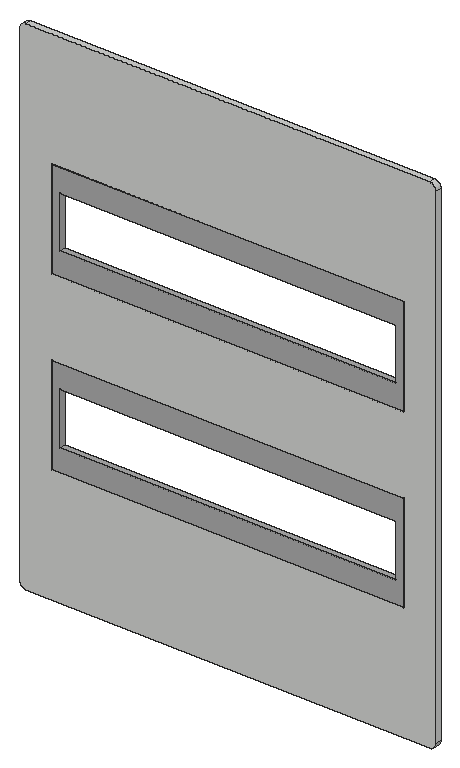
Revit family "Building-ContenitoriParete-GEWISS-44CEP-PANNELLI_DIN_2X", category Apparecchi elettrici, Revit 2016
Family settings
  Mantenere orientamento annotazione = No
  Tipo di parte = Normale
  Quota connettore circolare = Usa diametro
  Numero OmniClass = 23.80.30.11.17
  Titolo OmniClass = Distribution Boards and Control Panels
  Basato su piano di lavoro = Sì
  Sempre verticale = No
  Taglio con vuoti quando caricato = No
  Condiviso = No
  Punto di calcolo locali = No
Parameters (values of type "GW44855 - PANNELLO FRONTALE FIN.32M.CEP 396X474")
  Watt = "NP"  # constant formula
  Voltaggio = "NP"  # constant formula
  Versione file RFA = "18.0"
  URL = "https://www.gewiss.com/it/it"
  Tipo Materiale = "Halogen free secondo norma EN 50267-2-2"
  Scheda Tecnica = "https://www.gewiss.com/it/it/search?q=GW44855"
  SEO = "Pannello"
  Produttore = "GEWISS S.p.A."
  Per quadri: = "44 CEP"
  Per quadri BxH (mm) = "396x474"
  N. mod. EN 50022: = "32 (16X2)"
  N. mod. EN 50022 = "32 (16X2)"
  Modello = "GW44855"
  Larghezza foro = 288 mm
  Immagine tipo = GW44852.jpg
  IFC.TypeObject = ""
  IFC.ExportType = ""
  IFC.ExportAs = ""
  IDT = "3dba18c2-e06c-4975-a88f-cf74e63f23a9"
  IDF = "f9d2873b-1034-4667-8fe2-dcc22ff27136"
  GEWISS SCHEDA TECNICA = "http://pro.gewiss.com/irj/portal/?NavigationTarget=pcd:portal_content/com.gewiss.ZPPFDMain/com.gewiss.ZPPFDITMain/com.gewiss.ZPPFDITMainDefault/com.gewiss.ZPPFDITPages/com.gewiss.ZPPFDITPagesAP/com.gewiss.ZPPFDITPagesAPCatalogo/com.gewiss.ZPPPDITAPProductDetail&codProd=GW44855"
  Default Elevation = 1219.2 mm
  Pannello = GEWISS - GRIGIO RAL 7035
  Lunghezza = 356 mm
  Spessore = 5 mm
  H_da terra = 547.11 mm
  Distanza fori = 106 mm
  Descrizione = "PANNELLO FRONTALE FIN.32M.CEP 396X474"
  Creato da GEWISS S.p.A. = ""
  Cornice = GEWISS - GRIGIO
  Colore = "Grigio RAL 7035"
  Codice Electrocod = "1310"
  Codice EAN = "8011564111363"
  Catalogo Serie = "44 CEP"
  Catalogo = "BUILDING"
  Caratteristiche = "Halogen free"
  COBie.Tagnumber = ""
  COBie.CreatedOn = ""
  COBie.CreatebBy = ""
  COBie.ComponentRegisterItemID = ""
  COBie.Component.TagNumber = ""
  COBie.Component.Space = ""
  COBie.Component.SerialNumber = ""
  COBie.Component.InstallationDate = ""
  COBie.Component.Description = ""
  COBie.Component.BarCode = ""
  Altezza = 434 mm
  Adatto per = "Scatolati max160 A"
Types (3, lengths in mm): name | URL | Scheda Tecnica | Produttore | Per quadri BxH (mm) | N. mod. EN 50022: | N. mod. EN 50022 | Modello | Larghezza foro | IDT | GEWISS SCHEDA TECNICA | Lunghezza | Distanza fori | Descrizione | Codice EAN | Altezza | Adatto per
  (no name) | 0 | "" | 0 | "" | "" | "" | 0 | 288 | "" | "http://pro.gewiss.com/irj/portal/?NavigationTarget=pcd:portal_content/com.gewiss.ZPPFDMain/com.gewiss.ZPPFDITMain/com.gewiss.ZPPFDITMainDefault/com.gewiss.ZPPFDITPages/com.gewiss.ZPPFDITPagesAP/com.gewiss.ZPPFDITPagesAPCatalogo/com.gewiss.ZPPPDITAPProductDetail&codProd=GW44855" | 356 | 106 | 0 | "" | 434 | ""
  GW44854 - PANNELLO FRONTALE FIN.24M.CEP 316X396 | "https://www.gewiss.com/it/it" | "https://www.gewiss.com/it/it/search?q=GW44854" | "GEWISS S.p.A." | "316x396" | "24 (12X2)" | "24 (12X2)" | "GW44854" | 216 | "919207d4-cdf5-42a6-8d8c-0b0ed13642d4" | "http://pro.gewiss.com/irj/portal/?NavigationTarget=pcd:portal_content/com.gewiss.ZPPFDMain/com.gewiss.ZPPFDITMain/com.gewiss.ZPPFDITMainDefault/com.gewiss.ZPPFDITPages/com.gewiss.ZPPFDITPagesAP/com.gewiss.ZPPFDITPagesAPCatalogo/com.gewiss.ZPPPDITAPProductDetail&codProd=GW44854" | 276 | 99 | "PANNELLO FRONTALE FIN.24M.CEP 316X396" | "8011564111356" | 356 | "Scatolati max125 A"
  GW44855 - PANNELLO FRONTALE FIN.32M.CEP 396X474 | "https://www.gewiss.com/it/it" | "https://www.gewiss.com/it/it/search?q=GW44855" | "GEWISS S.p.A." | "396x474" | "32 (16X2)" | "32 (16X2)" | "GW44855" | 288 | "3dba18c2-e06c-4975-a88f-cf74e63f23a9" | "http://pro.gewiss.com/irj/portal/?NavigationTarget=pcd:portal_content/com.gewiss.ZPPFDMain/com.gewiss.ZPPFDITMain/com.gewiss.ZPPFDITMainDefault/com.gewiss.ZPPFDITPages/com.gewiss.ZPPFDITPagesAP/com.gewiss.ZPPFDITPagesAPCatalogo/com.gewiss.ZPPPDITAPProductDetail&codProd=GW44855" | 356 | 106 | "PANNELLO FRONTALE FIN.32M.CEP 396X474" | "8011564111363" | 434 | "Scatolati max160 A"
Values of the unnamed type that differ from the named types
  Versione file RFA = ""
  Tipo Materiale = ""
  SEO = ""
  Per quadri: = ""
  IDF = ""
  Colore = ""
  Codice Electrocod = ""
  Catalogo Serie = ""
  Catalogo = ""
  Caratteristiche = ""
Reference planes
  plane 1 "Centro (Fronte/Retro)": y = 0
  plane 2: z = 0
  plane 3 "Centro (Sinistra/Destra)": x = 0
  plane 4: x = -178
  plane 5: x = 178
  plane 6: y = 5
  plane 7: z = 547.11
  plane 8: z = 981.11
  plane 9: x = -144
  plane 10: x = 144
  plane 11: z = 764.11
  plane 12: x = -150.529
  plane 13: x = 150.529
  plane 14: z = 861.737
  plane 15: z = 817.11
  plane 16: z = 711.11
  plane 17: z = 666.11
  plane 18: z = 881.737
  plane 19: z = 797.11
  plane 20: z = 731.11
  plane 21: z = 646.483
Forms (mm)
  Extrusion 1, solid, material "GEWISS - GRIGIO RAL 7035" <- "Pannello"
    sketch origin (0, 0, 0) x (1, 0, 0) y (0, 0, 1)
      loop
        arc (-178, 552.497) -> (-176.422, 548.688) -> (-172.613, 547.11) r 5.387
        line (-172.613, 547.11) -> (172.613, 547.11)
        arc (172.613, 547.11) -> (176.422, 548.688) -> (178, 552.497) r 5.387
        line (178, 552.497) -> (178, 975.723)
        arc (178, 975.723) -> (176.422, 979.532) -> (172.613, 981.11) r 5.387
        line (172.613, 981.11) -> (-172.613, 981.11)
        arc (-172.613, 981.11) -> (-176.422, 979.532) -> (-178, 975.723) r 5.387
        line (-178, 975.723) -> (-178, 552.497)
      loop
        line (150.529, 881.737) -> (-150.529, 881.737) -> (-150.529, 797.11) -> (150.529, 797.11) -> (150.529, 881.737)
      loop
        line (150.529, 731.11) -> (-150.529, 731.11) -> (-150.529, 646.483) -> (150.529, 646.483) -> (150.529, 731.11)
    from -5 to 0
  Extrusion 2, solid, material "GEWISS - GRIGIO" <- "Cornice"
    sketch origin (0, 0, 0) x (1, 0, 0) y (0, 0, 1)
      loop
        line (-150.529, 881.737) -> (-150.529, 797.11) -> (150.529, 797.11) -> (150.529, 881.737) -> (-150.529, 881.737)
      loop
        line (-144, 861.737) -> (-144, 817.11) -> (144, 817.11) -> (144, 861.737) -> (-144, 861.737)
      loop
        line (-150.529, 731.11) -> (-150.529, 646.483) -> (150.529, 646.483) -> (150.529, 731.11) -> (-150.529, 731.11)
      loop
        line (-144, 711.11) -> (-144, 666.11) -> (144, 666.11) -> (144, 711.11) -> (-144, 711.11)
    from -5 to 0
Lines and regions (mm)
  Masking region 1
    outline origin (0, 0, 0) x (1, 0, 0) y (0, 1, 0)
      loop
        line (-178, 0) -> (178, 0) -> (178, 5) -> (-178, 5) -> (-178, 0)
  Masking region 2
    outline origin (0, 0, 0) x (0, 1, 0) y (0, 0, 1)
      loop
        line (0, 981.11) -> (0, 547.11) -> (5, 547.11) -> (5, 981.11) -> (0, 981.11)
Dimensions and locks
  "Spessore": plane 1 "Centro (Fronte/Retro)" to plane 6
  "H_da terra": plane 7 to plane 2
  "Altezza": plane 8 to plane 7
  equal spacing: plane 5, plane 3 "Centro (Sinistra/Destra)", plane 4
  "Lunghezza": plane 5 to plane 4
  "Larghezza foro": plane 10 to plane 9
  equal spacing: plane 10, plane 3 "Centro (Sinistra/Destra)", plane 9
  equal spacing: plane 13, plane 3 "Centro (Sinistra/Destra)", plane 12
  locked: plane 9 to plane 12 at 6.529
  locked: plane 16 to plane 17 at 45
  locked: plane 14 to plane 15 at 44.627
  "Distanza fori": plane 15 to plane 16
  locked: plane 18 to plane 14 at 20
  locked: plane 15 to plane 19 at 20
  locked: plane 20 to plane 16 at 20
  locked: plane 17 to plane 21 at 19.627
  equal spacing: plane 8, plane 11, plane 7
  equal spacing: plane 19, plane 11, plane 20
  aligned and locked: level to plane 2
  aligned and locked: plane 5 to Extrusion 1  (x4)
  aligned and locked: plane 3 "Centro (Sinistra/Destra)" to nested 1
  aligned and locked: plane 13 to nested 1
  aligned and locked: plane 12 to nested 1
  aligned and locked: Extrusion 2 sketch curve to nested 1  (x2)
  aligned and locked: plane 6 to Extrusion 2
  aligned and locked: plane 1 "Centro (Fronte/Retro)" to Extrusion 2
  aligned and locked: Extrusion 1 to plane 18
  aligned and locked: plane 21 to Extrusion 1
  aligned and locked: Extrusion 1 to plane 20
  aligned and locked: plane 12 to Extrusion 1  (x2)
  aligned and locked: Extrusion 1 to plane 13  (x2)
  aligned and locked: plane 18 to Extrusion 2
  aligned and locked: Extrusion 2 to plane 14
  aligned and locked: plane 15 to Extrusion 2
  aligned and locked: Extrusion 2 to plane 19
  aligned and locked: plane 20 to Extrusion 2
  aligned and locked: Extrusion 2 to plane 16
  aligned and locked: plane 17 to Extrusion 2
  aligned and locked: Extrusion 2 to plane 21
  aligned and locked: plane 9 to Extrusion 2
  aligned and locked: Extrusion 2 to plane 10
  aligned and locked: plane 13 to Extrusion 2  (x4)
  aligned and locked: Extrusion 2 to plane 12  (x4)
  aligned and locked: Extrusion 1 to plane 4  (x4)
  aligned and locked: nested 1 to plane 11
  aligned and locked: Extrusion 1 to Extrusion 2
  aligned and locked: Extrusion 1 sketch curve to plane 7
  aligned and locked: Extrusion 1 sketch curve to plane 8
  aligned and locked: plane 8 to Extrusion 1
  aligned and locked: Extrusion 1 to plane 7
Automatic sketch dimensions
  Extrusion 1 sketch curve to plane 4 = 0 mm
  Extrusion 1 sketch curve to plane 12 = 0 mm  (x2)
  Extrusion 1 sketch curve to plane 13 = 0 mm  (x2)
  Extrusion 1 sketch curve to plane 5 = 0 mm
  Extrusion 1 sketch curve to plane 21 = 0 mm
  Extrusion 1 sketch curve to plane 20 = 0 mm
  Extrusion 1 sketch curve to plane 19 = 0 mm
  Extrusion 1 sketch curve to plane 18 = 0 mm
  plane 4 to Extrusion 1 sketch curve = 5.387 mm
  Extrusion 1 sketch curve to Extrusion 1 sketch curve = 5.387 mm
  Extrusion 1 sketch curve to plane 5 = 5.387 mm  (x2)
  Masking region 1 sketch curve to plane 4 = 0 mm
  Masking region 1 sketch curve to plane 5 = 0 mm
  plane 1 "Centro (Fronte/Retro)" to Masking region 1 sketch curve = 0 mm
  Masking region 1 sketch curve to plane 6 = 0 mm
  Masking region 2 sketch curve to plane 1 "Centro (Fronte/Retro)" = 0 mm
  Masking region 2 sketch curve to plane 6 = 0 mm
  Masking region 2 sketch curve to plane 7 = 0 mm
  Masking region 2 sketch curve to plane 8 = 0 mm
  Extrusion 2 sketch curve to plane 12 = 0 mm  (x2)
  Extrusion 2 sketch curve to plane 9 = 0 mm
  Extrusion 2 sketch curve to plane 10 = 0 mm
  Extrusion 2 sketch curve to plane 13 = 0 mm  (x2)
  Extrusion 2 sketch curve to plane 21 = 0 mm
  Extrusion 2 sketch curve to plane 17 = 0 mm
  Extrusion 2 sketch curve to plane 16 = 0 mm
  Extrusion 2 sketch curve to plane 20 = 0 mm
  Extrusion 2 sketch curve to plane 19 = 0 mm
  Extrusion 2 sketch curve to plane 15 = 0 mm
  Extrusion 2 sketch curve to plane 14 = 0 mm
  Extrusion 2 sketch curve to plane 18 = 0 mm
Nested families
  nested 1: "2D - CEP PANNELLI DIN 2 FILE" at (0, 0, 764.11) x (1, 0, 0) z (0, -1, 0), Altezza <- "Altezza", Larghezza <- "Lunghezza", Larghezza foro <- "Larghezza foro", Distanza  fori <- "Distanza fori", type "1 foro"
    with Larghezza foro 288 mm, Larghezza 356 mm, Distanza  fori 106 mm, Altezza 434 mm
Definition of nested family "2D - CEP PANNELLI DIN 2 FILE"
  Parameters (values of type "1 foro")
    Larghezza foro [instance] = 252.046 mm
    Larghezza [instance] = 396 mm
    Distanza  fori [instance] = 228.559 mm
    Altezza foro = 45 mm  # constant formula
    Altezza [instance] = 474 mm
    2 fori = no
    1 foro = yes
  Types (2, lengths in mm): name | Larghezza foro | 2 fori | 1 foro
    1 foro | 252.046 | no | yes
    2 fori | 156 | yes | no
  Reference planes
    plane 1 "Centro (Fronte/Retro)": y = 0
    plane 2: z = 0
    plane 3 "Centro (Sinistra/Destra)": x = 0
    plane 4: x = -198
    plane 5: x = 198
    plane 6: y = 237
    plane 7: y = -237
    plane 8: x = -126.023
    plane 9: x = 126.023
    plane 10: x = -132.552
    plane 11: x = 132.552
    plane 12: y = 179.279
    plane 13: y = 159.279
    plane 14: y = 114.279
    plane 15: y = 94.279
    plane 16: y = -94.279
    plane 17: y = -114.279
    plane 18: y = -159.279
    plane 19: y = -179.279
  Lines and regions (mm)
    model lines, in view "Livello rif."
      curve 1: line (-188.613, -237, 0) -> (-192.172, -236.299, 0)
      curve 2: line (-192.172, -236.299, 0) -> (-195.251, -234.251, 0)
      curve 3: line (-195.251, -234.251, 0) -> (-197.445, -230.793, 0)
      curve 4: line (-197.445, -230.793, 0) -> (-198, -227.613, 0)
      curve 5: line (-198, -227.613, 0) -> (-198, 226.674, 0)
      curve 6: line (198, 226.674, 0) -> (198, -227.613, 0)
      curve 7: line (198, -227.613, 0) -> (197.281, -231.215, 0)
      curve 8: line (197.281, -231.215, 0) -> (195.251, -234.251, 0)
      curve 9: line (195.251, -234.251, 0) -> (192.25, -236.267, 0)
      curve 10: line (192.25, -236.267, 0) -> (188.613, -237, 0)
      curve 11: line (188.613, -237, 0) -> (-188.613, -237, 0)
      curve 12: line (-198, 226.674, 0) -> (-198, 227.613, 0)
      curve 13: line (-198, 227.613, 0) -> (-197.339, 231.072, 0)
      curve 14: line (-197.339, 231.072, 0) -> (-195.362, 234.137, 0)
      curve 15: line (-195.362, 234.137, 0) -> (-192.869, 235.98, 0)
      curve 16: line (-192.869, 235.98, 0) -> (-188.613, 237, 0)
      curve 17: line (-188.613, 237, 0) -> (188.613, 237, 0)
      curve 18: line (188.613, 237, 0) -> (192.796, 236.016, 0)
      curve 19: line (192.796, 236.016, 0) -> (195.251, 234.251, 0)
      curve 20: line (195.251, 234.251, 0) -> (197.047, 231.734, 0)
      curve 21: line (197.047, 231.734, 0) -> (198, 227.613, 0)
      curve 22: line (198, 227.613, 0) -> (198, 226.674, 0)
    detail lines, in view "Livello rif."
      curve 23: line (-126.023, 114.279, 0) -> (126.023, 114.279, 0)
      curve 24: line (-126.023, 159.279, 0) -> (-126.023, 114.279, 0)
      curve 25: line (126.023, 159.279, 0) -> (-126.023, 159.279, 0)
      curve 26: line (126.023, 114.279, 0) -> (126.023, 159.279, 0)
      curve 27: line (-132.552, 94.279, 0) -> (132.552, 94.279, 0)
      curve 28: line (-132.552, 179.279, 0) -> (-132.552, 94.279, 0)
      curve 29: line (132.552, 179.279, 0) -> (-132.552, 179.279, 0)
      curve 30: line (132.552, 94.279, 0) -> (132.552, 179.279, 0)
      curve 31: line (-126.023, -159.279, 0) -> (126.023, -159.279, 0)
      curve 32: line (-126.023, -114.279, 0) -> (-126.023, -159.279, 0)
      curve 33: line (126.023, -114.279, 0) -> (-126.023, -114.279, 0)
      curve 34: line (126.023, -159.279, 0) -> (126.023, -114.279, 0)
      curve 35: line (-132.552, -179.279, 0) -> (132.552, -179.279, 0)
      curve 36: line (-132.552, -94.279, 0) -> (-132.552, -179.279, 0)
      curve 37: line (132.552, -94.279, 0) -> (-132.552, -94.279, 0)
      curve 38: line (132.552, -179.279, 0) -> (132.552, -94.279, 0)
  Dimensions and locks
    equal spacing: plane 6, plane 1 "Centro (Fronte/Retro)", plane 7
    "Altezza": plane 6 to plane 7
    "Larghezza": plane 4 to plane 5
    equal spacing: plane 8, plane 3 "Centro (Sinistra/Destra)", plane 9
    "Larghezza foro": plane 8 to plane 9
    locked: plane 10 to plane 8 at 6.529
    locked: plane 9 to plane 11 at 6.529
    equal spacing: plane 4, plane 3 "Centro (Sinistra/Destra)", plane 5
    locked: plane 12 to plane 13 at 20
    locked: plane 14 to plane 15 at 20
    "Altezza foro": plane 14 to plane 13
    locked: plane 16 to plane 17 at 20
    locked: plane 18 to plane 19 at 20
    "Altezza foro": plane 18 to plane 17
    equal spacing: plane 15, plane 1 "Centro (Fronte/Retro)", plane 16
    "Distanza  fori": plane 14 to plane 17
    aligned and locked: curve 17 to plane 6
    aligned and locked: plane 7 to curve 11
    aligned and locked: curve 6 to plane 5
    aligned and locked: plane 4 to curve 5
    aligned and locked: curve 24 to plane 8
    aligned and locked: curve 26 to plane 9
    aligned and locked: curve 28 to plane 10
    aligned and locked: plane 11 to curve 30
    aligned and locked: plane 12 to curve 29
    aligned and locked: curve 27 to plane 15
    aligned and locked: curve 23 to plane 14
    aligned and locked: curve 25 to plane 13
    aligned and locked: plane 16 to curve 37
    aligned and locked: curve 33 to plane 17
    aligned and locked: curve 31 to plane 18
    aligned and locked: curve 35 to plane 19
  Automatic sketch dimensions
    curve 35 to plane 10 = 0 mm
    curve 33 to plane 8 = 0 mm
    curve 31 to plane 9 = 0 mm
    curve 38 to plane 11 = 0 mm
    plane 4 to curve 3 = 0.555 mm
    plane 4 to curve 13 = 0.661 mm
    plane 4 to curve 15 = 2.638 mm
    plane 4 to curve 3 = 2.749 mm
    curve 16 to plane 6 = 1.02 mm
    curve 14 to curve 16 = 2.493 mm
    plane 7 to curve 2 = 0.701 mm
    curve 2 to curve 2 = 3.078 mm
    curve 15 to curve 16 = 4.256 mm
    curve 1 to curve 1 = 3.56 mm
    curve 17 to plane 5 = 9.387 mm
    curve 10 to plane 5 = 9.387 mm
    plane 7 to curve 9 = 0.733 mm
    curve 10 to curve 9 = 3.637 mm
    curve 18 to plane 6 = 0.984 mm
    curve 17 to curve 18 = 4.183 mm
    curve 8 to plane 5 = 2.749 mm
    curve 19 to plane 5 = 2.749 mm
    curve 21 to plane 5 = 0.953 mm
    curve 7 to plane 5 = 0.719 mm
    plane 7 to curve 2 = 2.749 mm
    plane 7 to curve 8 = 2.749 mm
    curve 8 to curve 7 = 3.036 mm
    curve 2 to curve 4 = 3.458 mm
    curve 3 to curve 5 = 3.18 mm
    curve 7 to curve 6 = 3.602 mm
    curve 22 to plane 6 = 10.326 mm
    curve 12 to plane 6 = 10.326 mm
    curve 6 to curve 21 = 0.939 mm
    curve 5 to curve 12 = 0.939 mm
    curve 12 to curve 13 = 3.46 mm
    curve 21 to curve 20 = 4.121 mm
    curve 14 to plane 6 = 2.863 mm
    curve 20 to plane 6 = 2.749 mm
